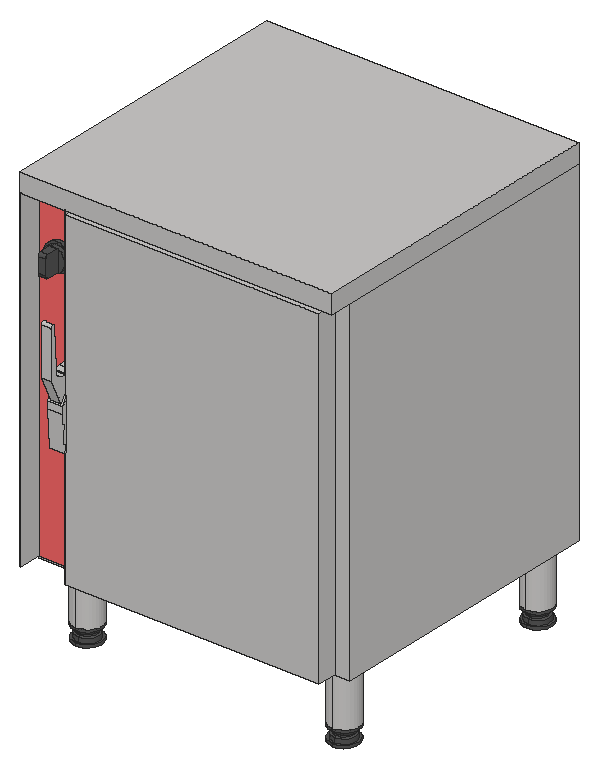
Revit family "ADB Warming cabinet 606", category Equipement spécialisé, Revit 2022
Family settings
  Cote de connecteur circulaire = Utiliser le diamètre
  Type d'élément = Normal
  Basée sur le plan de construction = Non
  Toujours verticalement = Oui
  Couper avec des vides une fois chargée = Non
  Conserver l'orientation des annotations = Non
  Partagée = Non
  Repère de localisation dans la pièce = Non
Parameters (values of type "CES 606")
  URL Cutsheet = ""
  URL = "https://www.ambassade-de-bourgogne.com/fr/produits/fours/Resources/CFE-606-CT.pdf"
  Electric Connection Type = "Bornier 40A"  # constant formula
  Item Number = ""
  Volts = 230 V  # constant formula
  Specification by Manufacturer = ""
  Electrical Remarks = "230V(MONO) commutable 400V(TRI)"  # constant formula
  Electric power = 1800 W
  Depth = 677 mm
  Door hinges inversion option [instance] = no
  Weight = 60.00 kg
  Phase = 1  # constant formula
  Number of Poles = Phase  # 1
  Modèle = "CSE 606"
  Length = 650 mm
  Operational Current = 7.82 A
  Height = 900 mm
  G = 600 mm
  Cycle = 50 Hz
  Fabricant = "Société Industrielle  de Lacanche"  # constant formula
  Encombrement Porte inversée [instance] = and(Clearences, Door hinges inversion option)  # no
  Encombrement Porte standard [instance] = and(Clearences, not(Door hinges inversion option))  # yes
  Décalage poignée [instance] = if(Door hinges inversion option, Length - 67 mm, 97 mm)  # 97 mm
  Décalage commandes [instance] = if(Door hinges inversion option, Length - 45.5 mm, 48.5 mm)  # 48.5 mm
  Décalage bouton [instance] = if(Door hinges inversion option, Length - 47 mm, 47 mm)  # 47 mm
  Description = "Warming cabinet for CFE606CT oven"
  Décalage porte [instance] = if(Door hinges inversion option, 25 mm, 97 mm)  # 97 mm
  Elévation par défaut = 0 mm
  Connectors [instance] = yes
  Commentaires du type = "Ambassade range - Convection ovens"
  F = 810 mm
  Clearences [instance] = yes
Reference planes
  plane 1 "Centre (avant/arrière)": y = 0
  plane 2: z = 0
  plane 3 "Centre (gauche/droite)": x = 0
  plane 4 "Gauche": x = -325
  plane 5 "Arrière": y = 325
  plane 6 "Droite": x = 325
  plane 7 "Avant": y = -319
  plane 8 "dessous meuble": z = 155
  plane 9 "Dessus de plan": z = 900
  plane 10 "dessous plan": z = 860
  plane 11 "Face": y = -274
  plane 12 "porte gauche": x = -228
  plane 13 "Poignée": x = -228
  plane 14 "G": x = -275
  plane 15: y = 260
  plane 16: y = -798.3
  plane 17: z = 854.5
  plane 18: y = -270.3
  plane 19: x = 230.5
  plane 20: x = -276.5
  plane 21: y = -352
  plane 22 "F": z = 810
  plane 23: y = -320.5
  plane 24: y = -280.5
  plane 25 "J": z = 161.5
  plane 26 "Commandes": x = -231
  plane 27: x = -232.5
  plane 28 "Bouton": x = -278
Forms (mm)
  Extrusion 1, solid, material "ADB_Stainless Steel-Polished", detail levels medium+fine
    sketch origin (-228, 3.7, 0) x (0, 0, 1) y (0, -1, 0)
      loop
        line (161.5, 324.2) -> (161.5, 284.2) -> (854.5, 284.2) -> (854.5, 324.2) -> (161.5, 324.2)
    from 0 to 528
  Extrusion 2, solid, material "ADB_Stainless Steel-Polished", detail levels medium+fine
    sketch origin (-325, 0, 0) x (0, 1, 0) y (0, 0, 1)
      loop
        line (325, 900) -> (-319, 900) -> (-319, 860) -> (325, 860) -> (325, 900)
    from 0 to 650
  Extrusion 3, solid, material "ADB_Stainless Steel-Polished", detail levels medium+fine
    sketch origin (-325, 0, 0) x (0, 1, 0) y (0, 0, 1)
      loop
        line (325, 860) -> (-270.3, 860) -> (-270.3, 155) -> (325, 155) -> (325, 860)
    from 0 to 650
  Extrusion 4, solid, material "ADB_Stainless Steel-Polished", detail levels medium+fine
    sketch origin (-228, 1352.585, 971.771) x (0, 1, 0) y (0, 0, -1)
      loop
        line (-1682.584, 487.771) -> (-1682.584, 472.771) -> (-1669.084, 448.962) -> (-1669.084, 418.962) -> (-1651.571, 417.794) -> (-1641.585, 417.271) -> (-1641.585, 567.771) -> (-1651.571, 567.248) -> (-1677.585, 562.771) -> (-1682.584, 487.771)
    from 0 to 30
  Extrusion 5, solid, material "ADB_Stainless Steel-Polished", detail levels medium+fine
    sketch origin (-228, 1359.056, 971.271) x (0, 1, 0) y (0, 0, -1)
      loop
        line (-1702.14, 397.366) -> (-1701.409, 404.218)
        arc (-1701.409, 404.218) -> (-1697.298, 414.02) -> (-1687.725, 418.638) r 15
        line (-1687.725, 418.638) -> (-1675.556, 419.702) -> (-1675.556, 448.462) -> (-1687.585, 469.677) -> (-1711.056, 417.216) -> (-1711.056, 318.854)
        arc (-1711.056, 318.854) -> (-1709.227, 314.949) -> (-1705.056, 313.854) r 5.083
        line (-1705.056, 313.854) -> (-1702.14, 397.366)
    from 4.5 to 25.5
  Extrusion 6, solid, material "ADB_Network_Electricity_Yellow", visible <- "Connectors", detail levels medium+fine
    sketch origin (0, 325, 0) x (-1, 0, 0) y (0, 0, 1)
      loop
        circle (275, 810) r 10
    from 0 to 10
  Extrusion 7, solid, detail levels coarse
    sketch origin (0, 0, 155) x (-1, 0, 0) y (0, -1, 0)
      loop
        line (325, -325) -> (325, 352) -> (-325, 352) -> (-325, -325) -> (325, -325)
    from -155 to 745
  Revolve 8, solid, material "ADB_Stainless Steel-Polished", detail levels medium+fine
    sketch origin (-268.033, 14.318, 0) x (0, 1, 0) y (0, 0, 1)
      loop
        line (-258.968, 155) -> (-258.968, 34) -> (-258.968, 28.148) -> (-252.82, 22) -> (-248.857, 22) -> (-248.857, 16.488) -> (-253.001, 13.586) -> (-253.001, 5) -> (-258.492, 5) -> (-258.492, 0) -> (-229, 0) -> (-229, 155) -> (-258.968, 155)
      axis (-229, 0) -> (-229, 155)
    angle from 0 to 360
  Revolve 9, solid, material "ADB_Stainless Steel-Polished", detail levels medium+fine
    sketch origin (268.033, 14.318, 0) x (0, 1, 0) y (0, 0, -1)
      loop
        line (-258.968, -155) -> (-229, -155) -> (-229, 0) -> (-258.492, 0) -> (-258.492, -5) -> (-253.001, -5) -> (-253.001, -13.586) -> (-248.857, -16.488) -> (-248.857, -22) -> (-252.82, -22) -> (-258.968, -28.148) -> (-258.968, -34) -> (-258.968, -155)
      axis (-229, 0) -> (-229, -155)
    angle from 0 to 360
  Revolve 10, solid, material "ADB_Stainless Steel-Polished", detail levels medium+fine
    sketch origin (-268.033, 61.382, 0) x (0, -1, 0) y (0, 0, -1)
      loop
        line (-258.968, -155) -> (-229, -155) -> (-229, 0) -> (-258.492, 0) -> (-258.492, -5) -> (-253.001, -5) -> (-253.001, -13.586) -> (-248.857, -16.488) -> (-248.857, -22) -> (-252.82, -22) -> (-258.968, -28.148) -> (-258.968, -34) -> (-258.968, -155)
      axis (-229, 0) -> (-229, -155)
    angle from 0 to 360
  Revolve 11, solid, material "ADB_Stainless Steel-Polished", detail levels medium+fine
    sketch origin (268.033, 61.382, 0) x (0, -1, 0) y (0, 0, 1)
      loop
        line (-258.968, 155) -> (-258.968, 34) -> (-258.968, 28.148) -> (-252.82, 22) -> (-248.857, 22) -> (-248.857, 16.488) -> (-253.001, 13.586) -> (-253.001, 5) -> (-258.492, 5) -> (-258.492, 0) -> (-229, 0) -> (-229, 155) -> (-258.968, 155)
      axis (-229, 0) -> (-229, 155)
    angle from 0 to 360
  Extrusion 12, solid, material "ADB_Stainless Steel-Polished", detail levels medium+fine
    sketch origin (-1, -20.8, 293.939) x (-1, 0, 0) y (0, -1, 0)
      loop
        line (324, 249.5) -> (324, 298.2) -> (322, 298.2) -> (322, 252) -> (231.5, 252) -> (231.5, 298.2) -> (230, 298.2) -> (230, 249.5) -> (324, 249.5)
    from -132.439 to 566.061
Lines and regions (mm)
  symbolic lines, style "SpecialityEquipmentHiddenLines", visible <- "Encombrement Porte standard"
    curve 1: line (300, -274, 155) -> (300, -798.3, 155)
    curve 2: arc (-228, -270.3, 155) -> (-73.352, -643.652, 155) -> (300, -798.3, 155) r 528
  symbolic lines, style "SpecialityEquipmentHiddenLines", visible <- "Encombrement Porte inversée"
    curve 3: line (-228, -274, 155) -> (-228, -798.3, 155)
    curve 4: arc (300, -270.3, 155) -> (145.352, -643.652, 155) -> (-228, -798.3, 155) r 528
Dimensions and locks
  plane 7 "Avant" to plane 1 "Centre (avant/arrière)" to plane 5 "Arrière" = 319 mm, 325 mm
  equal spacing: plane 4 "Gauche", plane 3 "Centre (gauche/droite)", plane 6 "Droite"
  locked: plane 8 "dessous meuble" to plane 2 at 155
  locked: plane 9 "Dessus de plan" to plane 10 "dessous plan" at 40
  locked: plane 7 "Avant" to plane 11 "Face" at 45
  "Décalage poignée": plane 13 "Poignée" to plane 4 "Gauche"
  "Length": plane 4 "Gauche" to plane 6 "Droite"
  plane 5 "Arrière" to plane 7 "Avant" = 644 mm
  "G": plane 14 "G" to plane 6 "Droite"
  "Height": plane 9 "Dessus de plan" to plane 2
  Extrusion 12 sketch curve to Extrusion 12 sketch curve to plane 20 to Extrusion 12 sketch curve to Extrusion 12 sketch curve = 2 mm locked, 46.5 mm locked, 44 mm locked, 1.5 mm locked
  "Décalage porte": plane 12 "porte gauche" to plane 4 "Gauche"
  "Décalage commandes": plane 4 "Gauche" to plane 20
  "Depth": plane 5 "Arrière" to plane 21
  plane 18 to plane 16 = 528 mm
  "F": plane 22 "F" to plane 2
  plane 20 to plane 14 "G" to plane 19 = 1.5 mm, 505.5 mm
  "Décalage bouton": plane 4 "Gauche" to plane 28 "Bouton"
  aligned and locked: level to plane 2
  aligned and locked: plane 14 "G" to Extrusion 6 sketch curve
  aligned and locked: plane 4 "Gauche" to Extrusion 7 sketch curve
  aligned and locked: Extrusion 7 sketch curve to plane 5 "Arrière"
  aligned and locked: plane 6 "Droite" to Extrusion 7 sketch curve
  aligned and locked: Extrusion 7 to Extrusion 5
  aligned and locked: Extrusion 7 to level
  aligned and locked: plane 9 "Dessus de plan" to Extrusion 7
  aligned and locked: Extrusion 2 to plane 6 "Droite"
  aligned and locked: Extrusion 3 to plane 6 "Droite"
  aligned and locked: plane 10 "dessous plan" to Extrusion 12
  aligned and locked: plane 5 "Arrière" to Extrusion 3
  aligned and locked: plane 22 "F" to Extrusion 6 sketch curve
  aligned and locked: plane 28 "Bouton" to nested 1
Automatic sketch dimensions
  plane 8 "dessous meuble" to Extrusion 1 sketch curve = 6.5 mm
  Extrusion 1 sketch curve to plane 7 "Avant" = 1.5 mm
  Extrusion 1 sketch curve to plane 11 "Face" = 6.5 mm
  Extrusion 4 sketch curve to plane 7 "Avant" = 11 mm
  Extrusion 4 sketch curve to plane 7 "Avant" = 6 mm
  plane 7 "Avant" to Extrusion 4 sketch curve = 2.5 mm
  plane 7 "Avant" to Extrusion 4 sketch curve = 20.014 mm  (x2)
  Extrusion 4 sketch curve to Extrusion 4 sketch curve = 9.986 mm
  Extrusion 4 sketch curve to Extrusion 4 sketch curve = 0.523 mm  (x2)
  Extrusion 4 sketch curve to Extrusion 4 sketch curve = 1.168 mm
  Extrusion 4 sketch curve to Extrusion 4 sketch curve = 30 mm
  Extrusion 4 sketch curve to Extrusion 4 sketch curve = 23.809 mm
  Extrusion 4 sketch curve to Extrusion 4 sketch curve = 15 mm
  Extrusion 4 sketch curve to Extrusion 4 sketch curve = 75 mm
  Extrusion 4 sketch curve to Extrusion 4 sketch curve = 4.477 mm
  plane 11 "Face" to Extrusion 12 sketch curve = 3.7 mm
  Extrusion 12 sketch curve to Extrusion 12 sketch curve = 2.5 mm
  Extrusion 12 sketch curve to plane 11 "Face" = 45 mm  (x2)
  Extrusion 2 sketch curve to plane 7 "Avant" = 0 mm
  Extrusion 2 sketch curve to plane 5 "Arrière" = 0 mm
  Extrusion 2 sketch curve to plane 10 "dessous plan" = 0 mm
  Extrusion 2 sketch curve to plane 9 "Dessus de plan" = 0 mm
  Extrusion 3 sketch curve to plane 10 "dessous plan" = 0 mm
  Extrusion 3 sketch curve to plane 18 = 0 mm
  Extrusion 3 sketch curve to plane 5 "Arrière" = 0 mm
  Extrusion 3 sketch curve to plane 8 "dessous meuble" = 0 mm
  curve 1 to plane 11 "Face" = 0 mm
  curve 1 to plane 16 = 0 mm
  curve 2 to plane 18 = 0 mm
  curve 4 to plane 18 = 0 mm
  curve 3 to plane 12 "porte gauche" = 0 mm
  curve 2 to plane 12 "porte gauche" = 0 mm
  curve 3 to plane 11 "Face" = 0 mm
  curve 4 to plane 16 = 0 mm
  Extrusion 7 sketch curve to plane 21 = 0 mm
  Revolve 8 sketch curve to plane 8 "dessous meuble" = 0 mm
  Revolve 8 sketch curve to level = 0 mm
  plane 18 to Revolve 8 sketch curve = 25.65 mm
  plane 18 to Revolve 8 sketch curve = 26.127 mm
  level to Revolve 8 sketch curve = 13.586 mm
  Revolve 8 sketch curve to Revolve 8 sketch curve = 5.491 mm
  Revolve 8 sketch curve to Revolve 8 sketch curve = 0.181 mm
  Revolve 8 sketch curve to Revolve 8 sketch curve = 3.964 mm
  Revolve 8 sketch curve to Revolve 8 sketch curve = 24.001 mm
  level to Revolve 8 sketch curve = 5 mm
  Revolve 8 sketch curve to Revolve 8 sketch curve = 2.902 mm
  Revolve 8 sketch curve to Revolve 8 sketch curve = 5.512 mm
  Revolve 8 sketch curve to Revolve 8 sketch curve = 6.148 mm
  Revolve 8 sketch curve to Revolve 8 sketch curve = 5.852 mm
  Revolve 8 sketch curve to Revolve 8 sketch curve = 0 mm
  Revolve 8 sketch curve to Revolve 8 sketch curve = 12 mm
  Revolve 8 sketch curve to Revolve 8 sketch curve = 19 mm
  Revolve 9 sketch curve to plane 8 "dessous meuble" = 0 mm
  Revolve 9 sketch curve to level = 0 mm
  plane 18 to Revolve 9 sketch curve = 25.65 mm
  plane 18 to Revolve 9 sketch curve = 26.127 mm
  level to Revolve 9 sketch curve = 13.586 mm
  Revolve 9 sketch curve to Revolve 9 sketch curve = 5.491 mm
  Revolve 9 sketch curve to Revolve 9 sketch curve = 0.181 mm
  Revolve 9 sketch curve to Revolve 9 sketch curve = 3.964 mm
  Revolve 9 sketch curve to Revolve 9 sketch curve = 24.001 mm
  Revolve 9 sketch curve to Revolve 9 sketch curve = 20.414 mm
  Revolve 9 sketch curve to Revolve 9 sketch curve = 5.852 mm
  Revolve 9 sketch curve to Revolve 9 sketch curve = 8.414 mm
  Revolve 9 sketch curve to Revolve 9 sketch curve = 2.902 mm
  level to Revolve 9 sketch curve = 5 mm
  Revolve 9 sketch curve to Revolve 9 sketch curve = 0 mm
  Revolve 9 sketch curve to Revolve 9 sketch curve = 19 mm
  Revolve 9 sketch curve to Revolve 9 sketch curve = 12 mm
  Revolve 10 sketch curve to plane 8 "dessous meuble" = 0 mm
  Revolve 10 sketch curve to level = 0 mm
  Revolve 10 sketch curve to plane 5 "Arrière" = 4.65 mm
  Revolve 10 sketch curve to plane 5 "Arrière" = 5.127 mm
  Revolve 10 sketch curve to Revolve 10 sketch curve = 5.491 mm
  Revolve 10 sketch curve to Revolve 10 sketch curve = 0.181 mm
  Revolve 10 sketch curve to Revolve 10 sketch curve = 3.964 mm
  Revolve 10 sketch curve to Revolve 10 sketch curve = 24.001 mm
  level to Revolve 10 sketch curve = 34 mm
  Revolve 10 sketch curve to Revolve 10 sketch curve = 5.852 mm
  Revolve 10 sketch curve to Revolve 10 sketch curve = 6.148 mm
  Revolve 10 sketch curve to Revolve 10 sketch curve = 5.512 mm
  Revolve 10 sketch curve to Revolve 10 sketch curve = 2.902 mm
  level to Revolve 10 sketch curve = 5 mm
  Revolve 10 sketch curve to Revolve 10 sketch curve = 0 mm
  Revolve 10 sketch curve to Revolve 10 sketch curve = 19 mm
  Revolve 10 sketch curve to Revolve 10 sketch curve = 12 mm
  Revolve 11 sketch curve to plane 8 "dessous meuble" = 0 mm
  Revolve 11 sketch curve to level = 0 mm
  Revolve 11 sketch curve to plane 5 "Arrière" = 4.65 mm
  Revolve 11 sketch curve to plane 5 "Arrière" = 5.127 mm
  Revolve 11 sketch curve to Revolve 11 sketch curve = 5.491 mm
  Revolve 11 sketch curve to Revolve 11 sketch curve = 0.181 mm
  Revolve 11 sketch curve to Revolve 11 sketch curve = 3.964 mm
  Revolve 11 sketch curve to Revolve 11 sketch curve = 24.001 mm
  level to Revolve 11 sketch curve = 5 mm
  Revolve 11 sketch curve to Revolve 11 sketch curve = 8.586 mm
  Revolve 11 sketch curve to Revolve 11 sketch curve = 2.902 mm
  Revolve 11 sketch curve to Revolve 11 sketch curve = 5.512 mm
  Revolve 11 sketch curve to Revolve 11 sketch curve = 6.148 mm
  Revolve 11 sketch curve to Revolve 11 sketch curve = 5.852 mm
  Revolve 11 sketch curve to Revolve 11 sketch curve = 0 mm
  Revolve 11 sketch curve to Revolve 11 sketch curve = 12 mm
  Revolve 11 sketch curve to Revolve 11 sketch curve = 19 mm
  Extrusion 1 sketch curve to plane 17 = 0 mm
  Extrusion 4 sketch curve to plane 17 = 300 mm
  Extrusion 5 sketch curve to plane 21 = 0 mm
  plane 21 to Extrusion 5 sketch curve = 5.083 mm
  Extrusion 5 sketch curve to Extrusion 5 sketch curve = 0.917 mm
  Extrusion 5 sketch curve to plane 23 = 8.169 mm
  Extrusion 5 sketch curve to plane 23 = 6.861 mm
  Extrusion 5 sketch curve to plane 23 = 8.029 mm
  plane 7 "Avant" to Extrusion 5 sketch curve = 2.5 mm
  plane 22 "F" to Extrusion 5 sketch curve = 152.583 mm
  Extrusion 5 sketch curve to Extrusion 5 sketch curve = 19.85 mm
  Extrusion 5 sketch curve to Extrusion 5 sketch curve = 21.215 mm
  Extrusion 5 sketch curve to Extrusion 5 sketch curve = 6.852 mm
  Extrusion 5 sketch curve to Extrusion 5 sketch curve = 78.512 mm
  Extrusion 5 sketch curve to Extrusion 5 sketch curve = 6.328 mm
  plane 21 to Extrusion 5 sketch curve = 8.916 mm
  Extrusion 5 sketch curve to Extrusion 5 sketch curve = 0.732 mm
  Extrusion 5 sketch curve to Extrusion 5 sketch curve = 1.065 mm
  Extrusion 5 sketch curve to Extrusion 5 sketch curve = 28.76 mm
  radius of Extrusion 6 sketch curve = 10 mm
Nested families
  nested 1: "Bouton" at (-278, -270.3, 740) x (1, 0, 0) z (0, -1, 0), type "Bouton", detail levels fine
Connectors
  electrical at (-275, 335, 810), driven by "Volts", driven by "Electric power"
    settings: on Extrusion 6, index 1, voltage 230 V, apparent load 0 VA, apparent load phase1 1800 VA, apparent load phase2 0 VA, apparent load phase3 0 VA, power factor 1, load classification "Autre", number of poles 1, system type 30, power factor state 1, is connector primary yes, connector utility no, sub classification motor no, connector description ""
Definition of nested family "Bouton"
  Parameters (values of type "Bouton")
    Matériau base bouton = none
    Default Elevation = 1219.2 mm
  Reference planes
    plane 1 "Centre (avant/arrière)": y = 0
    plane 2: z = 0
    plane 3 "Centre (gauche/droite)": x = 0
  Forms (mm)
    Extrusion 1, solid
      sketch origin (0, 0, 0) x (1, 0, 0) y (0, 1, 0)
        loop
          line (-1219.2, 1219.2) -> (-1219.2, -1219.2) -> (1219.2, -1219.2) -> (1219.2, 1219.2) -> (-1219.2, 1219.2)
      from 0 to -304.8
    Extrusion 2, solid, material <- "Matériau base bouton", detail levels fine
      sketch origin (0, 0, 0) x (1, 0, 0) y (0, 1, 0)
        loop
          circle (0, 0) r 28.5
      from 0 to 11.5
    Extrusion 3, solid, detail levels fine
      sketch origin (0, 0, 0) x (1, 0, 0) y (0, 1, 0)
        loop
          circle (0, 0) r 24.1
      from 11.5 to 20.5
    Extrusion 4, solid, detail levels fine
      sketch origin (0, 0, 0) x (1, 0, 0) y (0, 0, 1)
        loop
          line (-8.082, 20.5) -> (8.082, 20.5) -> (7.58, 49.253)
          arc (7.58, 49.253) -> (6.684, 51.34) -> (4.581, 52.2) r 3
          line (4.581, 52.2) -> (-4.581, 52.2)
          arc (-4.581, 52.2) -> (-6.684, 51.34) -> (-7.58, 49.253) r 3
          line (-7.58, 49.253) -> (-8.082, 20.5)
      from -22.082 to 22.162
    Extrusion 5, void
      sketch origin (0, 0, 0) x (0, 1, 0) y (0, 0, 1)
        loop
          line (-15.762, 50.701) -> (15.682, 50.701)
          arc (15.682, 50.701) -> (20.208, 48.826) -> (22.082, 44.301) r 6.4
          line (22.082, 44.301) -> (22.082, 41.701) -> (24.232, 41.701) -> (24.232, 54.688) -> (-24.768, 54.688) -> (-24.768, 41.701) -> (-22.162, 41.701) -> (-22.162, 44.301)
          arc (-22.162, 44.301) -> (-20.287, 48.826) -> (-15.762, 50.701) r 6.4
      from -15.908 to 13.709
  Cuts and joins
    Extrusion 5 cuts Extrusion 4
  Lines and regions (mm)
    symbolic lines, detail levels fine
      curve 1: line (0, -28.5, 0) -> (0, 28.5, 0)
  Dimensions and locks
    aligned and locked: plane 2 to Extrusion 1
    aligned and locked: level to Extrusion 1
